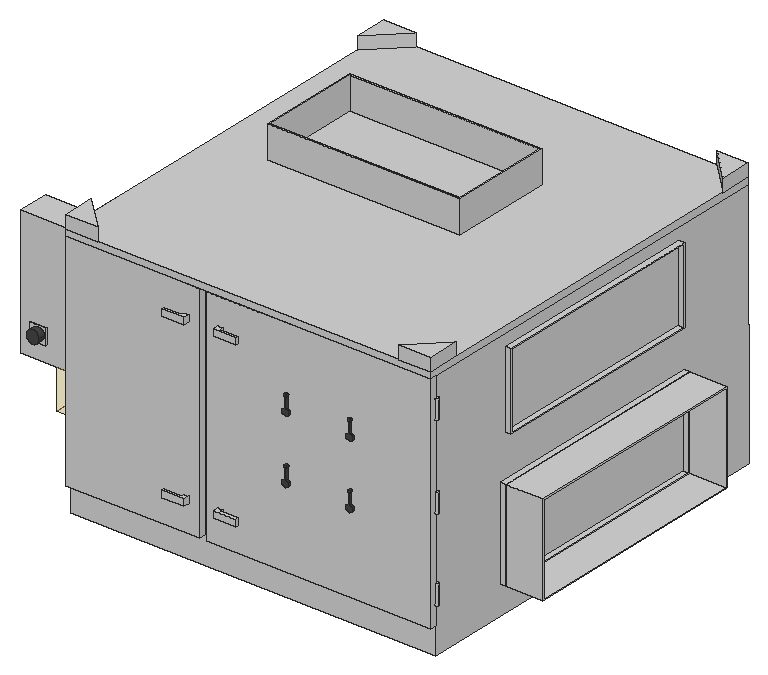
Revit family "Ventilator-RenewAire-Energy-Recovery-HE3XINH-Bypass", category Mechanical Equipment, Revit 2014
Parameters (values of type "2.0 HP 575V Three Phase")
  Voltage = "575"
  Ventilation Type = "Static Plate, Heat and Humidity Transfer"
  Unit Width = "63-1/4\""
  Unit Weight = "628-973 lbs."
  Unit Length = "69-1/2\""
  Unit Height = "43-1/4\""
  Unit = Metal - RenewAire - Anodized - Gray Text
  URL = "www.renewaire.com"
  Typical Airflow Range = "750-3,300 CFM"
  Standard Features = "TEFC Premium efficiency motors, Motor starters, Non-Fused Disconnect, 24VAC Transformer/Relay Package"
  Shipping Weight = "1075 lb."
  Service Area Visibility = no
  Service Area Box = Interference - RenewAire - Smooth - Light - Gold
  Revit Object Download Link = ""
  Phase = "Three"
  Options = "Fused disconnect, Double wall construction, Factory supplied and mounted variable frequency drives (VFDs) – one or both airstreams, Motorized isolation dampers – FA, EA or both airstreams, Qty. 2 Factory mounted filter alarms, Bypass economizer (see bypass dimension drawing page) – dry bulb temperature controls, enthalpy controls"
  Optional Motorized Damper - FA = yes
  Optional Motorized Damper - EA = yes
  Number Motors = "Qty. 2, Belt drive blower/motor packages with adjustable sheaves"
  Model = "HE 3XINH-[Bypass]"
  Minimum Circuit Amps = "5.4 A"
  Maximum Overcurrent Protection = "15 A"
  Max. Shipping Width = "70\""
  Max. Shipping Length = "80\""
  Max. Shipping Height = "50\""
  Manufacturer = "RenewAire LLC"
  Frequency = "60 HZ"
  FLA per Motor = "2.4"
  Description = "Energy Recovery Ventilator"
  Connector Base Material = Glass - With - Transparency
  Accessories = "Filters - MERV 13, 2\" (shipped loose), Digital time clock - wall mount(TC7D-W), Digital time clock - in exterior enclosure (TC7D-E), Motion occupancy control - ceiling mount(MC-C), Motion occupancy control - wall mount(MC-W), Carbon dioxide control - wall mount (CO2-W), Carbon Dioxide control - duct mount(CO2-D), Electric duct heater – EK series (1-60 KW), EH series (61-175 KW)"
  AHRI 1060 Certified Core = "Three L125-G5"
Types (13): name | Voltage | Phase | Minimum Circuit Amps | Maximum Overcurrent Protection | FLA per Motor
  (no name) | "575" | "Three" | "5.4 A" | "15 A" | "2.4"
  2.0 HP 120V Single Phase | "120" | "Single" | "45.0 A" | "60 A" | "20.0"
  2.0 HP 208-230V Single Phase | "208-230" | "Single" | "24.3 A" | "35 A" | "10.8-10.0"
  2.0 HP 208-230V Three Phase | "208-230" | "Three" | "13.6 A" | "15 A" | "6.1-5.8"
  2.0 HP 460V Three Phase | "460" | "Three" | "6.5 A" | "15 A" | "2.9"
  2.0 HP 575V Three Phase | "575" | "Three" | "5.4 A" | "15 A" | "2.4"
  3.0 HP 208-230V Single Phase | "208-230" | "Single" | "33.1 A" | "40 A" | "14.7-14"
  3.0 HP 208-230V Three Phase | "208-230" | "Three" | "21.1 A" | "25 A" | "9.4-8.5"
  3.0 HP 460V Three Phase | "460" | "Three" | "9.5 A" | "15 A" | "4.2"
  3.0 HP 575V Three Phase | "575" | "Three" | "7.4 A" | "15 A" | "3.3"
  5.0 HP 208-230V Three Phase | "208-230" | "Three" | "32.6 A" | "45 A" | "14.5-13.4"
  5.0 HP 460V Three Phase | "460" | "Three" | "15.1 A" | "20 A" | "6.7"
  5.0 HP 575V Three Phase | "575" | "Three" | "11.9 A" | "15 A" | "5.3"
Reference planes (in)
  plane 1 "Center (Front/Back)": y = 0
  plane 2: z = 0
  plane 3 "Center (Left/Right)": x = 0
Forms (in)
  Extrusion 1, solid, material "Metal - RenewAire - Anodized - Gray Text" <- "Unit"
    sketch origin (0, 0, 0) x (1, 0, 0) y (0, 0, 1)
      loop
        line (-28.5625, 0) -> (28.5625, 0) -> (28.5625, 39.25) -> (-28.5625, 39.25) -> (-28.5625, 0)
    from 30.125 to -31.125
  Extrusion 2, solid, material "Metal - RenewAire - Anodized - Gray Text"
    sketch origin (0, 0, 0) x (1, 0, 0) y (0, 0, 1)
      loop
        line (-28.5625, 39.25) -> (28.5625, 39.25) -> (28.5625, 40.25) -> (-28.5625, 40.25) -> (-28.5625, 39.25)
    from 31.125 to -31.125
  Extrusion 3, solid, material "Metal - RenewAire - Anodized - Gray Text"
    sketch origin (0, 0, 0) x (1, 0, 0) y (0, 0, 1)
      loop
        line (-6.4375, 39.25) -> (-6.4375, 4.25) -> (28.5625, 4.25) -> (28.5625, 39.25) -> (-6.4375, 39.25)
      loop
        line (-28.5625, 39.25) -> (-28.5625, 4.25) -> (-7.5625, 4.25) -> (-7.5625, 39.25) -> (-28.5625, 39.25)
    from 31.125 to 30.125
  Extrusion 4, solid, material "Metal - RenewAire - Anodized - Gray Text"
    sketch origin (0, 0, 0) x (1, 0, 0) y (0, 1, 0)
      loop
        circle (-28.8125, -30.125) r 0.25
      loop
        circle (28.8125, -30.125) r 0.25
    from 10.25 to 7.25
  Extrusion 5, solid, material "Metal - RenewAire - Anodized - Gray Text"
    sketch origin (0, 0, 0) x (1, 0, 0) y (0, 1, 0)
      loop
        circle (-28.8125, -30.125) r 0.25
      loop
        circle (28.8125, -30.125) r 0.25
    from 36.25 to 33.25
  Extrusion 6, solid, material "Metal - RenewAire - Anodized - Gray Text"
    sketch origin (0, 0, 0) x (1, 0, 0) y (0, 1, 0)
      loop
        circle (-28.8125, -30.125) r 0.25
      loop
        circle (28.8125, -30.125) r 0.25
    from 23.125 to 20.125
  Extrusion 7, solid, material "Metal - RenewAire - Anodized - Gray Text"
    sketch origin (0, 0, 0) x (1, 0, 0) y (0, 1, 0)
      loop
        line (-4.6875, -31.125) -> (-4.6875, -32) -> (-1.1875, -32) -> (-1.1875, -31.625) -> (-3.9375, -31.625) -> (-3.9375, -31.125) -> (-4.6875, -31.125)
      loop
        line (-9.3125, -31.125) -> (-10.0625, -31.125) -> (-10.0625, -31.625) -> (-12.8125, -31.625) -> (-12.8125, -32) -> (-9.3125, -32) -> (-9.3125, -31.125)
    from 9.5 to 8.5
  Extrusion 8, solid, material "Metal - RenewAire - Anodized - Gray Text"
    sketch origin (0, 0, 0) x (1, 0, 0) y (0, 1, 0)
      loop
        line (-4.6875, -31.125) -> (-4.6875, -32) -> (-1.1875, -32) -> (-1.1875, -31.625) -> (-3.9375, -31.625) -> (-3.9375, -31.125) -> (-4.6875, -31.125)
      loop
        line (-9.3125, -31.125) -> (-10.0625, -31.125) -> (-10.0625, -31.625) -> (-12.8125, -31.625) -> (-12.8125, -32) -> (-9.3125, -32) -> (-9.3125, -31.125)
    from 35 to 34
  Extrusion 9, solid, material "Metal - RenewAire - Anodized - Gray Text"
    sketch origin (0, 0, 0) x (1, 0, 0) y (0, 0, 1)
      loop
        line (-28.5625, 37.5) -> (-38.875, 37.5) -> (-38.875, 17.5) -> (-28.5625, 17.5) -> (-28.5625, 37.5)
    from 27.125 to 22.125
  Extrusion 10, solid, material "Metal - RenewAire - Anodized - Gray Text"
    sketch origin (0, 0, 0) x (1, 0, 0) y (0, 0, 1)
      loop
        line (-37.25, 22.5) -> (-37.25, 20) -> (-34.75, 20) -> (-34.75, 22.5) -> (-37.25, 22.5)
    from 27.25 to 27.125
  Extrusion 11, solid, material "MonitorPorts"
    sketch origin (0, 0, 0) x (1, 0, 0) y (0, 0, 1)
      loop
        circle (-36, 21.25) r 1
    from 28.25 to 27.125
  Extrusion 12, solid, material "Metal - RenewAire - Anodized - Gray Text" <- "Unit"
    sketch origin (0, 0, 0) x (0, 1, 0) y (0, 0, 1)
      loop
        line (18.375, 18.90637) -> (-17.625, 18.90637) -> (-17.625, 4.625) -> (18.375, 4.625) -> (18.375, 18.90637)
      loop
        line (18.25, 18.78137) -> (-17.5, 18.78137) -> (-17.5, 4.75) -> (18.25, 4.75) -> (18.25, 18.78137)
    from 29.5625 to 28.5625
  Extrusion 13, solid, material "Metal - RenewAire - Anodized - Gray Text"
    sketch origin (0, 0, 0) x (0, 1, 0) y (0, 0, 1)
      loop
        line (17.375, 37.5) -> (-16.625, 37.5) -> (-16.625, 25.5) -> (17.375, 25.5) -> (17.375, 37.5)
      loop
        line (17.25, 37.375) -> (-16.5, 37.375) -> (-16.5, 25.625) -> (17.25, 25.625) -> (17.25, 37.375)
    from 29.5625 to 28.5625
  Extrusion 14, solid, material "Metal - RenewAire - Anodized - Gray Text" <- "Unit"
    sketch origin (0, 0, 0) x (0, 1, 0) y (0, 0, 1)
      loop
        line (18.375, 18.90637) -> (-17.625, 18.90637) -> (-17.625, 4.625) -> (18.375, 4.625) -> (18.375, 18.90637)
      loop
        line (18.25, 18.78137) -> (-17.5, 18.78137) -> (-17.5, 4.75) -> (18.25, 4.75) -> (18.25, 18.78137)
    from 35.4375 to 29.5625
  Extrusion 15, solid, material "Metal - RenewAire - Anodized - Gray Text"
    sketch origin (0, 0, 0) x (0, 1, 0) y (0, 0, 1)
      loop
        line (-20.625, 4.25) -> (-4.625, 4.25) -> (-4.625, 16.25) -> (-20.625, 16.25) -> (-20.625, 4.25)
      loop
        line (-4.75, 16.125) -> (-20.5, 16.125) -> (-20.5, 4.375) -> (-4.75, 4.375) -> (-4.75, 16.125)
    from -28.5625 to -32.8125
  Extrusion 16, solid, material "Metal - RenewAire - Anodized - Gray Text"
    sketch origin (0, 0, 0) x (0, 1, 0) y (0, 0, 1)
      loop
        line (-4.625, 33.125) -> (-20.625, 33.125) -> (-20.625, 21.125) -> (-4.625, 21.125) -> (-4.625, 33.125)
      loop
        line (-4.75, 33) -> (-20.5, 33) -> (-20.5, 21.25) -> (-4.75, 21.25) -> (-4.75, 33)
    from -28.5625 to -32.8125
  Extrusion 17, solid, material "Metal - RenewAire - Anodized - Gray Text"
    sketch origin (0, 0, 0) x (1, 0, 0) y (0, 1, 0)
      loop
        line (-19.9375, 13.75) -> (-19.9375, -2.25) -> (10.0625, -2.25) -> (10.0625, 13.75) -> (-19.9375, 13.75)
      loop
        line (-19.8125, 13.625) -> (-19.8125, -2.125) -> (9.9375, -2.125) -> (9.9375, 13.625) -> (-19.8125, 13.625)
    from 45.375 to 40.25
  Extrusion 18, solid, material "Interference - RenewAire - Smooth - Light - Gold" <- "Service Area Box", visible <- "Service Area Visibility"
    sketch origin (0, 0, 0) x (1, 0, 0) y (0, 0, 1)
      loop
        line (28.5625, 40.25) -> (-37.0625, 40.25) -> (-37.0625, 0) -> (28.5625, 0) -> (28.5625, 40.25)
    from 64.875 to 31.125
  Extrusion 19, solid, material "Interference - RenewAire - Smooth - Light - Gold", visible <- "Optional Motorized Damper - EA"
    sketch origin (0, 0, 0) x (0, 1, 0) y (0, 0, 1)
      loop
        line (-7.25, 30.5) -> (-19.25, 30.5) -> (-19.25, 22.5) -> (-7.25, 22.5) -> (-7.25, 30.5)
    from -28.5625 to -39.4375
  Extrusion 20, solid, material "Interference - RenewAire - Smooth - Light - Gold", visible <- "Optional Motorized Damper - FA"
    sketch origin (0, 0, -16.875) x (0, 1, 0) y (0, 0, 1)
      loop
        line (-7.25, 30.5) -> (-19.25, 30.5) -> (-19.25, 22.5) -> (-7.25, 22.5) -> (-7.25, 30.5)
    from -28.5625 to -39.4375
  Extrusion 21, solid, material "Metal - RenewAire - Anodized - Gray Text" <- "Unit"
    sketch origin (0, 0, 0) x (1, 0, 0) y (0, 1, 0)
      loop
        line (-28.5625, 31.125) -> (-28.5625, 26.125) -> (-23.5625, 31.125) -> (-28.5625, 31.125)
      loop
        line (-28.5625, -31.125) -> (-23.5625, -31.125) -> (-28.5625, -26.125) -> (-28.5625, -31.125)
      loop
        line (28.5625, -31.125) -> (28.5625, -26.125) -> (23.5625, -31.125) -> (28.5625, -31.125)
      loop
        line (28.5625, 31.125) -> (23.5625, 31.125) -> (28.5625, 26.125) -> (28.5625, 31.125)
    from 42.25 to 40.25
Dimensions and locks (in)
  Extrusion 2 to Extrusion 3 sketch curve to Extrusion 3 sketch curve = 1' - 9", 3' - 0 1/8"
  aligned and locked: level to plane 2
Nested families (in)
  nested 1: "Monitoring Port" at (16.0625, -31.125, 19.472) x (-1, 0, 0) z (0, 0, -1), type "Monitoring Port"
  nested 2: "Monitoring Port" at (6.0625, -31.125, 19.472) x (-1, 0, 0) z (0, 0, -1), type "Monitoring Port"
  nested 3: "Monitoring Port" at (16.0625, -31.125, 29.472) x (-1, 0, 0) z (0, 0, -1), type "Monitoring Port"
  nested 4: "Monitoring Port" at (6.0625, -31.125, 29.472) x (-1, 0, 0) z (0, 0, -1), type "Monitoring Port"
Connectors (in)
  hvac at (28.5625, 0.375, 31.5)
    settings: on Extrusion 13, index 1, duct flow 0 CFM, flow factor 0, pres drop 0.00 in-wg, loss coef 0, conn angle 0.00°, conn width 34", conn height 12", conn diameter 24", duct sys type 4, conn prof type 1, flow config 0, flow direction 1, loss method 0, conn ref index -1, conn util no, is conn primary yes, conn desc "OA (Outside Air)"
  hvac at (28.5625, 0.375, 11.76568)
    settings: on Extrusion 12, index 2, duct flow 0 CFM, flow factor 0, pres drop 0.00 in-wg, loss coef 0, conn angle 0.00°, conn width 36", conn height 14", conn diameter 24", duct sys type 2, conn prof type 1, flow config 0, flow direction 1, loss method 0, conn ref index -1, conn util no, is conn primary no, conn desc "RA (Room Air)"
  hvac at (-4.9375, 5.75, 40.25)
    settings: on Extrusion 17, index 3, duct flow 0 CFM, flow factor 0, pres drop 0.00 in-wg, loss coef 0, conn angle 0.00°, conn width 30", conn height 16", conn diameter 24", duct sys type 2, conn prof type 1, flow config 0, flow direction 1, loss method 0, conn ref index -1, conn util no, is conn primary no, conn desc "BP (Bypass)"
  hvac at (-28.5625, -12.625, 27.125)
    settings: on Extrusion 16, index 4, duct flow 0 CFM, flow factor 0, pres drop 0.00 in-wg, loss coef 0, conn angle 0.00°, conn width 16", conn height 12", conn diameter 24", duct sys type 3, conn prof type 1, flow config 0, flow direction 2, loss method 0, conn ref index -1, conn util no, is conn primary no, conn desc "EA (Exhaust Air)"
  hvac at (-28.5625, -12.625, 10.25)
    settings: on Extrusion 15, index 5, duct flow 0 CFM, flow factor 0, pres drop 0.00 in-wg, loss coef 0, conn angle 0.00°, conn width 16", conn height 12", conn diameter 24", duct sys type 1, conn prof type 1, flow config 0, flow direction 2, loss method 0, conn ref index -1, conn util no, is conn primary no, conn desc "FA (Fresh Air)"
Definition of nested family "Monitoring Port"
  Parameters (values of type "Monitoring Port")
    URL = "www.renewaire.com"
    Revit Object Download Link = ""
    Model = ""
    Manufacturer = "RenewAire LLC"
    Description = "Monitoring Ports"
  Reference planes (in)
    plane 1 "Center (Front/Back)": y = 0
    plane 2: z = 0
    plane 3 "Center (Left/Right)": x = 0
  Forms (in)
    Extrusion 1, solid, material "MonitorPorts"
      sketch origin (-9.43348, 0, 37.76669) x (-1, 0, 0) y (0, 0, -1)
        loop
          line (-9.53348, 35.65895) -> (-9.94097, 35.42369) -> (-9.94097, 34.83769) -> (-9.43348, 34.54469) -> (-8.92599, 34.83769) -> (-8.92599, 35.42369) -> (-9.33348, 35.65895) -> (-9.33348, 37.28756)
          arc (-9.33348, 37.28756) -> (-9.43348, 37.76669) -> (-9.53348, 37.28756) r 0.25
          line (-9.53348, 37.28756) -> (-9.53348, 35.65895)
      from 0 to 0.25
  Dimensions and locks (in)
    aligned and locked: level to plane 2
